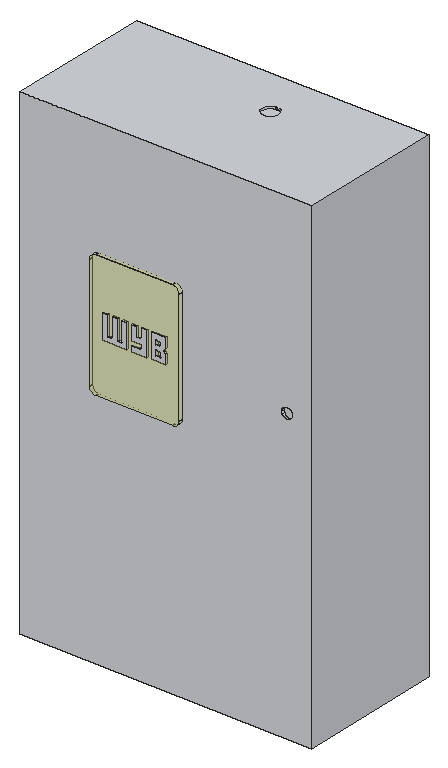
Revit family "ШУВ-DF_FC102", category Оборудование, Revit 2020
Family settings
  Размер круглого соединителя = Использовать диаметр
  Классификация = Нет
  Тип детали = Нормальный
  На основе рабочей плоскости = Нет
  Всегда вертикально = Да
  При загрузке вырезать с полостями = Нет
  Общий = Нет
  Точка расчета площади = Нет
Parameters (values of type "ШУВ_SE_АВВ_7,5-30кВт")
  расст замок верт = 400 mm
  Ширина [instance] = 600 mm
  Расст вывода3 от левой стенки = 270 mm
  Расст замок = 550 mm
  Расст вывода2 от левой стенки = 210 mm
  Расст вывода от левой стенки = 150 mm
  Расст вывода от задней стенки = 100 mm
  Расст ПУШ от верхней стенки = 240 mm
  Расст ввод от задней стенки = 100 mm
  Расст ввод от левой стенки = 355 mm
  Расст ПУШ от левой стенки = 150 mm
  Отметка по умолчанию = 0 mm
  Описание = "ШУВ-М предназначен для управления одно/трехфазным электродвигателем приточного или вытяжного вентилятора системы противопожарной вентиляции от 0,37 до 37 кВт, как в режиме «Местный пуск» с лицевой панели ШУВ-М, так и по сигналам любого модуля/прибора управления в режиме «Автоматический пуск» с контролем и отображением состояния вентилятора при помощи световой индикации и с передачей сигналов состояния на модуль управления, а также с опцией управления электрическим нагревателем мощностью 0,37 – 45 кВт."
  Назв гориз ПУШ = 120 mm
  Комментарии к типоразмеру = "Ш5/ABB"
  Изготовитель = "ООО \"Плазма-Т\""
  Группа модели = "ШУВ-М-DF_FC102"
  Глубина [instance] = 300 mm
  Высота [instance] = 1000 mm
  URL = "https://plazma-t.ru/"
Types (3, lengths in mm): name | расст замок верт | Ширина | Расст вывода3 от левой стенки | Расст замок | Расст вывода2 от левой стенки | Расст вывода от левой стенки | Расст вывода от задней стенки | Расст ПУШ от верхней стенки | Расст ввод от задней стенки | Расст ввод от левой стенки | Расст ПУШ от левой стенки | Комментарии к типоразмеру | Глубина | Высота
  ШУВ_SE_АВВ_0,37-5,5кВт | 350 | 500 | 380 | 450 | 320 | 260 | 125 | 130 | 100 | 315 | 140 | "Ш3/ABB" | 250 | 700
  ШУВ_SE_АВВ_7,5-30кВт | 400 | 600 | 270 | 550 | 210 | 150 | 100 | 240 | 100 | 355 | 150 | "Ш5/ABB" | 300 | 1000
  ШУВ_SE_АВВ_37-55кВт | 900 | 800 | 700 | 750 | 600 | 500 | 200 | 300 | 200 | 400 | 200 | "Ш8/ABB" | 400 | 1800
Reference planes
  plane 1 "По центру (Вперед/Назад)": y = 0
  plane 2: z = 0
  plane 3 "По центру (Влево/Вправо)": x = 0
  plane 4: y = -9
Forms (mm)
  Extrusion 1, solid
    sketch origin (0, 0, 0) x (1, 0, 0) y (0, 1, 0)
      loop
        line (0, 0) -> (600, 0) -> (600, 300) -> (0, 300) -> (0, 0)
    from 0 to 1000
  Extrusion 2, solid, material "Источник света по умолчанию"
    sketch origin (0, 0, 0) x (1, 0, 0) y (0, 0, 1)
      loop
        arc (163, 760) -> (153.808, 756.192) -> (150, 747) r 13
        line (150, 747) -> (150, 513)
        arc (150, 513) -> (153.808, 503.808) -> (163, 500) r 13
        line (163, 500) -> (321.542, 500)
        arc (321.542, 500) -> (330.734, 503.808) -> (334.542, 513) r 13
        line (334.542, 513) -> (334.542, 747)
        arc (334.542, 747) -> (330.734, 756.192) -> (321.542, 760) r 13
        line (321.542, 760) -> (163, 760)
    from 0 to 9
  Extrusion 3, void
    sketch origin (0, 0, 0) x (1, 0, 0) y (0, 0, 1)
      loop
        circle (550, 600) r 11.5
    from 10 to -5.347
  Extrusion 4, void
    sketch origin (0, 0, 1000) x (0, 1, 0) y (1, 0, 0)
      loop
        circle (200, 355) r 17
    from 0 to 3
  Extrusion 5, void
    sketch origin (0, 0, 0) x (1, 0, 0) y (0, 1, 0)
      loop
        circle (150, 200) r 17
    from 0 to 3
  Extrusion 6, void
    sketch origin (0, 0, 0) x (1, 0, 0) y (0, 1, 0)
      loop
        circle (210, 200) r 17
    from 0 to 3
  Extrusion 7, void
    sketch origin (0, 0, 0) x (1, 0, 0) y (0, 1, 0)
      loop
        circle (270, 200) r 17
    from 0 to 3
  Extrusion 8, solid
    sketch origin (0, -9, 0) x (1, 0, 0) y (0, 0, 1)
      loop
        line (179.552, 660.181) -> (179.552, 610.181) -> (229.552, 610.181) -> (229.552, 660.181) -> (219.552, 660.181) -> (219.552, 620.181) -> (209.552, 620.181) -> (209.552, 660.181) -> (199.552, 660.181) -> (199.552, 620.181) -> (189.552, 620.181) -> (189.552, 660.181) -> (179.552, 660.181)
      loop
        line (239.552, 660.181) -> (239.552, 630.181) -> (259.552, 630.181) -> (259.552, 620.181) -> (239.552, 620.181) -> (239.552, 610.181) -> (269.552, 610.181) -> (269.552, 660.181) -> (259.552, 660.181) -> (259.552, 640.181) -> (249.552, 640.181) -> (249.552, 660.181) -> (239.552, 660.181)
      loop
        line (279.552, 660.181) -> (279.552, 610.181) -> (309.552, 610.181) -> (309.552, 630.181) -> (304.552, 635.181) -> (309.552, 640.181) -> (309.552, 660.181) -> (279.552, 660.181)
      loop
        line (289.552, 620.181) -> (299.552, 620.181) -> (299.552, 630.181) -> (289.552, 630.181) -> (289.552, 620.181)
      loop
        line (289.552, 650.181) -> (289.552, 640.181) -> (299.552, 640.181) -> (299.552, 650.181) -> (289.552, 650.181)
    from 0 to 3
  Extrusion 9, void
    sketch origin (0, 0, 0) x (1, 0, 0) y (0, 1, 0)
      loop
        circle (50, 250) r 17
      loop
        circle (100, 250) r 17
      loop
        circle (150, 250) r 17
      loop
        circle (200, 250) r 17
    from 0 to 3
Cuts and joins
  Extrusion 3, Extrusion 4, Extrusion 5, Extrusion 6, Extrusion 7, Extrusion 9 cuts Extrusion 1
Dimensions and locks
  "Ширина": Extrusion 1 to Extrusion 1
  "Глубина": Extrusion 1 to Extrusion 1
  "Высота": Extrusion 1 to Extrusion 1
  Extrusion 1 to Extrusion 2 sketch curve = 240 mm
  "Расст ПУШ от верхней стенки": Extrusion 1 to Extrusion 2
  "расст замок верт": Extrusion 1 to Extrusion 3 sketch curve
  "Расст замок": Extrusion 1 to Extrusion 3 sketch curve
  "Расст ввод от левой стенки": Extrusion 4 sketch curve to cut or joined group of Extrusion 1, Extrusion 3, Extrusion 4, Extrusion 5, Extrusion 6, Extrusion 7, Extrusion 9
  "Расст ввод от задней стенки": cut or joined group of Extrusion 1, Extrusion 3, Extrusion 4, Extrusion 5, Extrusion 6, Extrusion 7, Extrusion 9 to Extrusion 4 sketch curve
  locked: Extrusion 2 sketch curve to Extrusion 2 sketch curve at 184.542
  locked: Extrusion 2 sketch curve to Extrusion 2 sketch curve at 260
  "Расст ПУШ от левой стенки": cut or joined group of Extrusion 1, Extrusion 3, Extrusion 4, Extrusion 5, Extrusion 6, Extrusion 7, Extrusion 9 to Extrusion 2 sketch curve
  "Расст вывода от левой стенки": cut or joined group of Extrusion 1, Extrusion 3, Extrusion 4, Extrusion 5, Extrusion 6, Extrusion 7, Extrusion 9 to Extrusion 5 sketch curve
  "Расст вывода от задней стенки": cut or joined group of Extrusion 1, Extrusion 3, Extrusion 4, Extrusion 5, Extrusion 6, Extrusion 7, Extrusion 9 to Extrusion 5 sketch curve
  "Расст вывода от задней стенки": cut or joined group of Extrusion 1, Extrusion 3, Extrusion 4, Extrusion 5, Extrusion 6, Extrusion 7, Extrusion 9 to Extrusion 6 sketch curve
  "Расст вывода2 от левой стенки": cut or joined group of Extrusion 1, Extrusion 3, Extrusion 4, Extrusion 5, Extrusion 6, Extrusion 7, Extrusion 9 to Extrusion 6 sketch curve
  "Расст вывода от задней стенки": cut or joined group of Extrusion 1, Extrusion 3, Extrusion 4, Extrusion 5, Extrusion 6, Extrusion 7, Extrusion 9 to Extrusion 7 sketch curve
  "Расст вывода3 от левой стенки": cut or joined group of Extrusion 1, Extrusion 3, Extrusion 4, Extrusion 5, Extrusion 6, Extrusion 7, Extrusion 9 to Extrusion 7 sketch curve
  cut or joined group of Extrusion 1, Extrusion 3, Extrusion 4, Extrusion 5, Extrusion 6, Extrusion 7, Extrusion 9 to cut or joined group of Extrusion 1, Extrusion 3, Extrusion 4, Extrusion 5, Extrusion 6, Extrusion 7, Extrusion 9 = 600 mm
  Extrusion 2 to Extrusion 8 sketch curve = 29.552 mm
  Extrusion 8 sketch curve to Extrusion 8 sketch curve = 90 mm
  Extrusion 8 sketch curve to Extrusion 8 sketch curve = 130 mm
  Extrusion 8 sketch curve to Extrusion 8 sketch curve = 50 mm  (x2)
  Extrusion 8 sketch curve to Extrusion 8 sketch curve = 30 mm  (x2)
  Extrusion 8 sketch curve to Extrusion 2 = 160.181 mm
  cut or joined group of Extrusion 1, Extrusion 3, Extrusion 4, Extrusion 5, Extrusion 6, Extrusion 7, Extrusion 9 to Extrusion 9 sketch curve = 50 mm  (x2)
  Extrusion 9 sketch curve to Extrusion 9 sketch curve to Extrusion 9 sketch curve to Extrusion 9 sketch curve = 50 mm, 50 mm, 50 mm
  diameter of Extrusion 4 sketch curve = 34 mm
  aligned and locked: level to plane 2
  aligned and locked: Extrusion 1 to level
  aligned and locked: Extrusion 1 to plane 3 "По центру (Влево/Вправо)"
  aligned and locked: plane 1 "По центру (Вперед/Назад)" to Extrusion 1
Automatic sketch dimensions
  plane 3 "По центру (Влево/Вправо)" to Extrusion 1 sketch curve = 0 mm
  plane 1 "По центру (Вперед/Назад)" to Extrusion 1 sketch curve = 0 mm
  plane 3 "По центру (Влево/Вправо)" to Extrusion 1 sketch curve = 600 mm
  Extrusion 1 sketch curve to plane 1 "По центру (Вперед/Назад)" = 300 mm
  Extrusion 8 sketch curve to Extrusion 8 sketch curve = 10 mm  (x19)
  Extrusion 8 sketch curve to Extrusion 8 sketch curve = 5 mm  (x5)
  Extrusion 8 sketch curve to Extrusion 8 sketch curve = 0 mm  (x6)
  Extrusion 8 sketch curve to Extrusion 8 sketch curve = 40 mm
  Extrusion 8 sketch curve to Extrusion 8 sketch curve = 20 mm
  Extrusion 9 sketch curve to Extrusion 9 sketch curve = 0 mm  (x3)
  Extrusion 2 sketch curve to Extrusion 2 sketch curve = 13 mm  (x4)
  radius of Extrusion 9 sketch curve = 17 mm  (x4)
  radius of Extrusion 3 sketch curve = 11.5 mm
  radius of Extrusion 5 sketch curve = 17 mm
  radius of Extrusion 6 sketch curve = 17 mm
  radius of Extrusion 7 sketch curve = 17 mm
Connectors
  electrical at (355, 200, 997)
    settings: on cut or joined group of Extrusion 1, Extrusion 3, Extrusion 4, Extrusion 5, Extrusion 6, Extrusion 7, Extrusion 9, index 1, voltage 0 V, apparent load 0 VA, apparent load phase1 0 VA, apparent load phase2 0 VA, apparent load phase3 0 VA, power factor 1, load classification "Прочее", number of poles 1, system type 30, power factor state 1, is connector primary yes, connector utility no, sub classification motor no, connector description "380V"
  electrical at (150, 200, 3)
    settings: on cut or joined group of Extrusion 1, Extrusion 3, Extrusion 4, Extrusion 5, Extrusion 6, Extrusion 7, Extrusion 9, index 2, voltage 0 V, apparent load 0 VA, apparent load phase1 0 VA, apparent load phase2 0 VA, apparent load phase3 0 VA, power factor 1, load classification "Прочее", number of poles 1, system type 11, power factor state 1, is connector primary no, connector utility no, sub classification motor no, connector description "24V или 220V"
  electrical at (210, 200, 3)
    settings: on cut or joined group of Extrusion 1, Extrusion 3, Extrusion 4, Extrusion 5, Extrusion 6, Extrusion 7, Extrusion 9, index 3, voltage 0 V, apparent load 0 VA, apparent load phase1 0 VA, apparent load phase2 0 VA, apparent load phase3 0 VA, power factor 1, load classification "Прочее", number of poles 1, system type 11, power factor state 1, is connector primary no, connector utility no, sub classification motor no, connector description "шлейф"
  electrical at (270, 200, 3)
    settings: on cut or joined group of Extrusion 1, Extrusion 3, Extrusion 4, Extrusion 5, Extrusion 6, Extrusion 7, Extrusion 9, index 4, voltage 0 V, apparent load 0 VA, apparent load phase1 0 VA, apparent load phase2 0 VA, apparent load phase3 0 VA, power factor 1, load classification "Прочее", number of poles 1, system type 11, power factor state 1, is connector primary no, connector utility no, sub classification motor no, connector description "шлейф"
  electrical at (50, 250, 3)
    settings: on cut or joined group of Extrusion 1, Extrusion 3, Extrusion 4, Extrusion 5, Extrusion 6, Extrusion 7, Extrusion 9, index 5, voltage 0 V, apparent load 0 VA, apparent load phase1 0 VA, apparent load phase2 0 VA, apparent load phase3 0 VA, power factor 1, load classification "Прочее", number of poles 1, system type 13, power factor state 1, is connector primary no, connector utility no, sub classification motor no, connector description "реле"
  electrical at (100, 250, 3)
    settings: on cut or joined group of Extrusion 1, Extrusion 3, Extrusion 4, Extrusion 5, Extrusion 6, Extrusion 7, Extrusion 9, index 6, voltage 0 V, apparent load 0 VA, apparent load phase1 0 VA, apparent load phase2 0 VA, apparent load phase3 0 VA, power factor 1, load classification "Прочее", number of poles 1, system type 13, power factor state 1, is connector primary no, connector utility no, sub classification motor no, connector description "реле"
  electrical at (150, 250, 3)
    settings: on cut or joined group of Extrusion 1, Extrusion 3, Extrusion 4, Extrusion 5, Extrusion 6, Extrusion 7, Extrusion 9, index 7, voltage 0 V, apparent load 0 VA, apparent load phase1 0 VA, apparent load phase2 0 VA, apparent load phase3 0 VA, power factor 1, load classification "Прочее", number of poles 1, system type 13, power factor state 1, is connector primary no, connector utility no, sub classification motor no, connector description "реле"
  electrical at (200, 250, 3)
    settings: on cut or joined group of Extrusion 1, Extrusion 3, Extrusion 4, Extrusion 5, Extrusion 6, Extrusion 7, Extrusion 9, index 8, voltage 0 V, apparent load 0 VA, apparent load phase1 0 VA, apparent load phase2 0 VA, apparent load phase3 0 VA, power factor 1, load classification "Прочее", number of poles 1, system type 13, power factor state 1, is connector primary no, connector utility no, sub classification motor no, connector description "нагрузка 24V"
